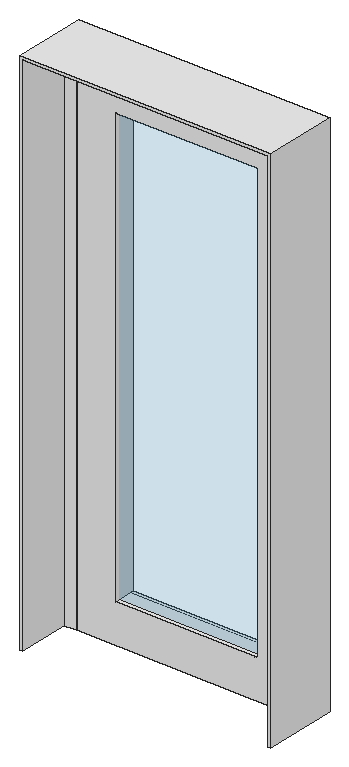
Revit family "Doorset_Entrance Door with Panic Lock and Wall Reader_ASSA ABLOY DE_Hardware Light", category Doors, host Wall, Revit 2015
Parameters (values of type "900 x 2110 mm (1000 x 2160 mm)")
  Uniclass 2.0 Description = "Doorsets"
  Uniclass 2.0 Code = "PR-59-23"
  Uniclass 1.4 Description = "Doors"
  Uniclass 1.4 Code = "L411"
  URL = "http://www.assaabloy.de/de/local/de/bim-spezifikationen/bim-tuerloesungen/bim/eingangstuer-mit-panikschloss-und-wandleser-de02/"
  Type Comments = "900 x 2110 mm (1000 x 2160 mm)"
  Thickness Constraint = if(Thickness < Minimum Thickness, Minimum Thickness, if(Thickness > Maximum Thickness, Maximum Thickness, Thickness))  # 90 mm
  Thickness = 90 mm
  Strikes, Magnetic Locks and Bolts = "1x MEDIATOR Electric Strike_MEDIATOR_Effeff"  # constant formula
  Rough Width = Width + 24 mm  # 1024 mm
  Rough Height = Height + 12 mm  # 2172 mm
  Region Europe = "DE"
  Provider = "ASSA ABLOY DE"  # constant formula
  Product Guid = "34722529-fe58-4aad-9d45-125a2774a9c0"
  Panel Width = Width - (2 mm * 50)  # 900 mm
  Panel Material = Steel/Aluminium
  Panel Height = Height - 50 mm  # 2110 mm
  OmniClass Title = "Doors"
  OmniClass Number = "23-17 11 00"
  Name = "Entrance Door with Panic Lock and Wall Reader"  # constant formula
  NBS Reference Description = "Doorsets"
  NBS Reference Code = "59-23"
  Model = "Doorset_Entrance Door with Panic Lock and Wall Reader_ASSA ABLOY DE_Hardware Light"  # constant formula
  Minimum Thickness = 38 mm  # constant formula
  Minimum Door Width = 900 mm  # constant formula
  Minimum Door Height = 2110 mm  # constant formula
  Maximum Thickness = 105 mm  # constant formula
  Maximum Door Width = 1500 mm  # constant formula
  Maximum Door Height = 3750 mm  # constant formula
  Manufacturer = "ASSA ABLOY"  # constant formula
  Locksets = "1x MEDIATOR Lock_MEDIATOR_Effeff"  # constant formula
  Identity and Access Solutions = "1x SCALA Access Control Solution_SCALA_Effeff"  # constant formula
  IFC Classification = "Door"
  Hardware Set = "ES1-PE-AC-ML-DC-DE02"  # constant formula
  Function = Exterior
  Height = if(Frame Height < Minimum Door Height, Minimum Door Height + 50 mm, if(Frame Height > Maximum Door Height, Maximum Door Height + 50 mm, Frame Height))  # 2160 mm
  Wall Closure = By host
  Width = if(Frame Width < Minimum Door Width, Minimum Door Width + 100 mm, if(Frame Width > Maximum Door Width, Maximum Door Width + 100 mm, Frame Width))  # 1000 mm
  Frame Width = 1000 mm
  Frame Material = Steel/Aluminium
  Frame Height = 2160 mm
  Frame Depth [instance] = Thickness Constraint  # 90 mm
  Electronic Accessories = "1x Power Supply_SCALA_Effeff"  # constant formula
  Edition number = 1
  Door Width [instance] = 1000 mm
  Door Height [instance] = 2160 mm
  Door Closers = "1x Door Closer DC700 with guide rail_Cam-Motion®_ASSA ABLOY"  # constant formula
  Description = "Single Self Closing Entrance Exterior Door with Wall Reader and Panic Device"  # constant formula
  Date of publishing = "22.09.2016"
  Contact Provider = "www.assaabloy.de/kontakt-tuerloesungen/"
  BIMobject Unique ref = "ES1-PE-AC-ML-DC-DE02"
  BIMobject Product Page = "http://bimobject.com/assaabloy-de/product/es1-pe-ac-ml-dc-de02"
  BIMobject Product Group = "Single-Steel/Aluminium-Self Closing-Access Control-Panic Device"
  BIMobject Product Family = "Exterior Door Solutions"
  BIMobject Instructions Video = "https://www.youtube.com/watch?v=BP0i_x6Tqq8&feature=youtu.be"
  BIMobject Brand = "ASSA ABLOY DE"
  Architectural Hardware = "1x Handle (inside) + Knob (outside)_OneSystem_ASSA ABLOY"  # constant formula
Types (8, lengths in mm): name | Type Comments | Rough Width | Rough Height | Panel Width | Panel Height | Height | Width | Frame Width | Frame Height | Door Width | Door Height
  (no name) | "900 x 2110 mm (1000 x 2160 mm)" | 1024 | 2172 | 900 | 2110 | 2160 | 1000 | 1000 | 2160 | 1000 | 2160
  900 x 2110 mm (1000 x 2160 mm) | "900 x 2110 mm (1000 x 2160 mm)" | 1024 | 2172 | 900 | 2110 | 2160 | 1000 | 1000 | 2160 | 1000 | 2160
  1000 x 2110 mm (1100 x 2160 mm) | "1000 x 2110 mm (1100 x 2160 mm)" | 1124 | 2172 | 1000 | 2110 | 2160 | 1100 | 1100 | 2160 | 1100 | 2160
  1000 x 2500 mm (1100 x 2550 mm) | "1000 x 2500 mm (1100 x 2550 mm)" | 1124 | 2562 | 1000 | 2500 | 2550 | 1100 | 1100 | 2550 | 1100 | 2550
  1000 x 3750 mm (1100 x 3800 mm) | "1000 x 3750 mm (1100 x 3800 mm)" | 1124 | 3812 | 1000 | 3750 | 3800 | 1100 | 1100 | 3800 | 1100 | 3800
  1300 x 2500 mm (1400 x 2550 mm) | "1300 x 2500 mm (1400 x 2550 mm)" | 1424 | 2562 | 1300 | 2500 | 2550 | 1400 | 1400 | 2550 | 1400 | 2550
  1300 x 3750 mm (1400 x 3800 mm) | "1300 x 3750 mm (1400 x 3800 mm)" | 1424 | 3812 | 1300 | 3750 | 3800 | 1400 | 1400 | 3800 | 1400 | 3800
  1500 x 3750 mm (1600 x 3800 mm) | "1500 x 3750 mm (1600 x 3800 mm)" | 1624 | 3812 | 1500 | 3750 | 3800 | 1600 | 1600 | 3800 | 1600 | 3800
Reference planes
  plane 1: y = 0
  plane 2 "Center (Left/Right)": x = 0
  plane 3 "Exterior": y = 150
  plane 4 "Interior": y = -150
  plane 5: x = 512
  plane 6: x = -512
  plane 7: z = 2172
  plane 8: x = 500
  plane 9: x = -500
  plane 10: z = 2160
  plane 11: x = 450
  plane 12: x = -450
  plane 13: z = 2110
  plane 14: x = 290
  plane 15: x = -290
  plane 16: z = 1950
  plane 17: z = 160
  plane 18: y = 60
  plane 19: y = 135
  plane 20: y = 75
  plane 21: x = 360
  plane 22: y = 1174
  plane 23: y = 1050
  plane 24: z = 1055
  plane 25: x = -415
  plane 26: x = -662
  plane 27: x = 385.5
Forms (mm)
  Extrusion 1, solid, material "Steel/Aluminium" <- "Frame Material"
    sketch origin (0, 150, 0) x (1, 0, 0) y (0, 0, 1)
      loop
        line (-500, 2160) -> (-500, 0) -> (-450, 0) -> (-450, 2110) -> (450, 2110) -> (450, 0) -> (500, 0) -> (500, 2160) -> (-500, 2160)
    from 0 to 90
  Extrusion 2, solid, material "Steel/Aluminium" <- "Panel Material"
    sketch origin (0, 150, 0) x (1, 0, 0) y (0, 0, 1)
      loop
        line (-450, 2110) -> (-450, 0) -> (450, 0) -> (450, 2110) -> (-450, 2110)
      loop
        line (-290, 1950) -> (-290, 160) -> (290, 160) -> (290, 1950) -> (-290, 1950)
    from 0 to 90
  Extrusion 3, solid, material "Door Glass"
    sketch origin (0, 150, 0) x (1, 0, 0) y (0, 0, 1)
      loop
        line (290, 1950) -> (-290, 1950) -> (-290, 160) -> (290, 160) -> (290, 1950)
    from 15 to 75
  Extrusion 4, solid, material "Steel/Aluminium" <- "Frame Material"
    sketch origin (0, 150, 0) x (1, 0, 0) y (0, 0, 1)
      loop
        line (512, 2172) -> (-512, 2172) -> (-512, 0) -> (-500, 0) -> (-500, 2160) -> (500, 2160) -> (500, 0) -> (512, 0) -> (512, 2172)
    from 0 to 300
Lines and regions (mm)
  Opening 1
    outline origin (-5000, -150, 0) x (1, 0, 0) y (0, 0, 1)
      loop
        line (5512, 2172) -> (4488, 2172) -> (4488, 0) -> (5512, 0) -> (5512, 2172)
  Masking region 1
    outline origin (0, 0, 0) x (1, 0, 0) y (0, 1, 0)
      loop
        line (-512, -150) -> (512, -150) -> (512, 150) -> (-512, 150) -> (-512, -150)
  Masking region 2, detail levels medium
    outline origin (0, 0, 0) x (1, 0, 0) y (0, 1, 0)
      loop
        line (450, 150) -> (450, 1050) -> (360, 1050) -> (360, 150) -> (450, 150)
  Masking region 3, detail levels medium
    outline origin (0, 0, 0) x (1, 0, 0) y (0, 1, 0)
      loop
        line (-500, 60) -> (-450, 60) -> (-450, 150) -> (-500, 150) -> (-500, 60)
      loop
        line (500, 150) -> (450, 150) -> (450, 60) -> (500, 60) -> (500, 150)
  Masking region 4, detail levels fine
    outline origin (0, 0, 0) x (1, 0, 0) y (0, 1, 0)
      loop
        line (435, 1050) -> (435, 1040) -> (375, 1040) -> (375, 1030) -> (360, 1030) -> (360, 170) -> (375, 170) -> (375, 160) -> (435, 160) -> (435, 150) -> (450, 150) -> (450, 1050) -> (435, 1050)
  Masking region 5, detail levels fine
    outline origin (0, 0, 0) x (1, 0, 0) y (0, 1, 0)
      loop
        line (-450, 135) -> (-450, 150) -> (-500, 150) -> (-500, 60) -> (-430, 60) -> (-430, 75) -> (-440, 75) -> (-440, 135) -> (-450, 135)
      loop
        line (500, 150) -> (450, 150) -> (450, 135) -> (440, 135) -> (440, 75) -> (430, 75) -> (430, 60) -> (500, 60) -> (500, 150)
  Masking region 6
    outline origin (450, 150, 0) x (0, 0, 1) y (0, 1, 0)
      loop
        line (2160, -90) -> (2160, 0) -> (0, 0) -> (0, -90) -> (2160, -90)
  Masking region 7, detail levels fine
    outline origin (0, 0, 0) x (1, 0, 0) y (0, 1, 0)
      loop
        line (488.444, 989) -> (504.314, 973.13) -> (519.87, 988.686) -> (497.556, 1011) -> (466, 1011) -> (466, 1016.5) -> (450, 1016.5) -> (450, 983.5) -> (466, 983.5) -> (466, 989) -> (488.444, 989)
  Masking region 8, detail levels fine
    outline origin (0, 0, 0) x (1, 0, 0) y (0, 1, 0)
      loop
        arc (504.314, 973.13) -> (549.891, 943.109) -> (519.87, 988.686) r 27.86
        line (519.87, 988.686) -> (504.314, 973.13)
  Masking region 9, not visible, detail levels fine
    outline origin (0, 0, 0) x (1, 0, 0) y (0, 1, 0)
      loop
        line (488.444, 989) -> (504.314, 973.13) -> (519.87, 988.686) -> (497.556, 1011) -> (466, 1011) -> (466, 1016.5) -> (450, 1016.5) -> (450, 983.5) -> (466, 983.5) -> (466, 989) -> (488.444, 989)
  Masking region 10, not visible, detail levels fine
    outline origin (0, 0, 0) x (1, 0, 0) y (0, 1, 0)
      loop
        arc (504.314, 973.13) -> (549.891, 943.109) -> (519.87, 988.686) r 27.86
        line (519.87, 988.686) -> (504.314, 973.13)
  Masking region 11, detail levels fine
    outline origin (0, 0, 0) x (1, 0, 0) y (0, 1, 0)
      loop
        line (279.5, 949.019) -> (279.5, 900)
        arc (279.5, 900) -> (291.069, 872.069) -> (319, 860.5) r 39.5
        line (319, 860.5) -> (331, 860.5) -> (331, 879.5) -> (319, 879.5)
        arc (319, 879.5) -> (304.504, 885.504) -> (298.5, 900) r 20.5
        line (298.5, 900) -> (298.5, 949.019)
        arc (298.5, 949.019) -> (299.028, 953.031) -> (300.577, 956.769) r 15.5
        line (300.577, 956.769) -> (315.577, 982.75)
        arc (315.577, 982.75) -> (321.25, 988.423) -> (329, 990.5) r 15.5
        line (329, 990.5) -> (344, 990.5) -> (344, 983.5) -> (360, 983.5) -> (360, 1016.5) -> (344, 1016.5) -> (344, 1009.5) -> (329, 1009.5)
        arc (329, 1009.5) -> (311.75, 1004.878) -> (299.122, 992.25) r 34.5
        line (299.122, 992.25) -> (284.122, 966.269)
        arc (284.122, 966.269) -> (280.676, 957.948) -> (279.5, 949.019) r 34.5
  Masking region 12, not visible, detail levels fine
    outline origin (0, 0, 0) x (1, 0, 0) y (0, 1, 0)
      loop
        line (279.5, 949.019) -> (279.5, 900)
        arc (279.5, 900) -> (291.069, 872.069) -> (319, 860.5) r 39.5
        line (319, 860.5) -> (331, 860.5) -> (331, 879.5) -> (319, 879.5)
        arc (319, 879.5) -> (304.504, 885.504) -> (298.5, 900) r 20.5
        line (298.5, 900) -> (298.5, 949.019)
        arc (298.5, 949.019) -> (299.028, 953.031) -> (300.577, 956.769) r 15.5
        line (300.577, 956.769) -> (315.577, 982.75)
        arc (315.577, 982.75) -> (321.25, 988.423) -> (329, 990.5) r 15.5
        line (329, 990.5) -> (344, 990.5) -> (344, 983.5) -> (360, 983.5) -> (360, 1016.5) -> (344, 1016.5) -> (344, 1009.5) -> (329, 1009.5)
        arc (329, 1009.5) -> (311.75, 1004.878) -> (299.122, 992.25) r 34.5
        line (299.122, 992.25) -> (284.122, 966.269)
        arc (284.122, 966.269) -> (280.676, 957.948) -> (279.5, 949.019) r 34.5
  Masking region 13, detail levels fine
    outline origin (0, 0, 0) x (1, 0, 0) y (0, 1, 0)
      loop
        line (-616, 150) -> (-616, 172.2) -> (-708, 172.2) -> (-708, 150) -> (-616, 150)
  Masking region 14, not visible, detail levels fine
    outline origin (0, 0, 0) x (1, 0, 0) y (0, 1, 0)
      loop
        line (-616, 150) -> (-616, 172.2) -> (-708, 172.2) -> (-708, 150) -> (-616, 150)
  Masking region 15, detail levels fine
    outline origin (0, 0, 0) x (0, 1, 0) y (0, 0, 1)
      loop
        line (60, 2110) -> (60, 2132.942) -> (16.334, 2132.942) -> (16.334, 2110) -> (28.339, 2110) -> (28.339, 2107.15) -> (19.3, 2107.15) -> (19.3, 2093.5) -> (3, 2093.5) -> (3, 2064) -> (4, 2064) -> (4, 2059) -> (3, 2059) -> (3, 2029.5) -> (60, 2029.5) -> (60, 2093.5) -> (41.3, 2093.5) -> (41.3, 2102.15) -> (50.332, 2102.15) -> (50.332, 2110) -> (60, 2110)
  Masking region 16, not visible, detail levels fine
    outline origin (0, 0, 0.059) x (0, 1, 0) y (0, 0, 1)
      loop
        line (60, 2110) -> (60, 2132.942) -> (16.334, 2132.942) -> (16.334, 2110) -> (28.339, 2110) -> (28.339, 2107.15) -> (19.3, 2107.15) -> (19.3, 2093.5) -> (3, 2093.5) -> (3, 2064) -> (4, 2064) -> (4, 2059) -> (3, 2059) -> (3, 2029.5) -> (60, 2029.5) -> (60, 2093.5) -> (41.3, 2093.5) -> (41.3, 2102.15) -> (50.332, 2102.15) -> (50.332, 2110) -> (60, 2110)
  Masking region 17, detail levels fine
    outline origin (0, 0, 0) x (0, 1, 0) y (0, 0, 1)
      loop
        line (60, 1155) -> (44, 1155) -> (44, 1059.5) -> (-11, 1059.5)
        arc (-11, 1059.5) -> (-20.5, 1050) -> (-11, 1040.5) r 9.5
        line (-11, 1040.5) -> (44, 1040.5) -> (44, 900) -> (60, 900) -> (60, 1155)
  Masking region 18, detail levels fine
    outline origin (0, 0, 0) x (0, 1, 0) y (0, 0, 1)
      loop
        line (150, 1155) -> (150, 900) -> (166, 900) -> (166, 1040.5) -> (203.943, 1040.5)
        arc (203.943, 1040.5) -> (257.25, 1050) -> (203.943, 1059.5) r 27.5
        line (203.943, 1059.5) -> (166, 1059.5) -> (166, 1155) -> (150, 1155)
  Masking region 19, not visible, detail levels fine
    outline origin (0, 0, 0) x (0, 1, 0) y (0, 0, 1)
      loop
        line (150, 1155) -> (150, 900) -> (166, 900) -> (166, 1040.5) -> (203.943, 1040.5)
        arc (203.943, 1040.5) -> (257.25, 1050) -> (203.943, 1059.5) r 27.5
        line (203.943, 1059.5) -> (166, 1059.5) -> (166, 1155) -> (150, 1155)
  Masking region 20, not visible, detail levels fine
    outline origin (0, 0, 0) x (0, 1, 0) y (0, 0, 1)
      loop
        line (60, 1155) -> (44, 1155) -> (44, 1059.5) -> (-11, 1059.5)
        arc (-11, 1059.5) -> (-20.5, 1050) -> (-11, 1040.5) r 9.5
        line (-11, 1040.5) -> (44, 1040.5) -> (44, 900) -> (60, 900) -> (60, 1155)
  symbolic lines, style "DoorsPanelProjection", detail levels coarse
    curve 1: line (512, 150, 0) -> (512, 1174, 0)
  symbolic lines, style "Plan Swing", detail levels coarse
    curve 2: arc (-512, 150, 0) -> (-212.077, 874.077, 0) -> (512, 1174, 0) r 1024
  symbolic lines, style "Doors", detail levels medium+fine
    curve 3: line (450, 60, 2160) -> (450, 150, 2160)
    curve 4: line (450, 60, 2110) -> (450, 150, 2110)
    curve 5: line (450, 60, 1950) -> (450, 150, 1950)
    curve 6: line (450, 60, 160) -> (450, 150, 160)
  symbolic lines, style "Doors", detail levels fine
    curve 7: line (450, 105, 1950) -> (450, 105, 160)
  symbolic lines, style "Elevation Swing"
    curve 8: line (450, 150, 2110) -> (-450, 150, 1055)
    curve 9: line (-450, 150, 1055) -> (450, 150, 0)
  symbolic lines, style "Plan Swing", detail levels medium+fine
    curve 10: arc (-450, 150, 0) -> (-186.396, 786.396, 0) -> (450, 1050, 0) r 900
  symbolic lines, detail levels fine
    curve 11: line (450, 150, 0) -> (-450, 150, 0)
    curve 12: line (-450, 60, 0) -> (450, 60, 0)
    curve 13: line (466, 1011, 0) -> (466, 989, 0)
    curve 15: line (344, 1009.5, 0) -> (344, 990.5, 0)
    curve 17: line (0, 4, 2063.941) -> (0, 28.185, 2063.941)
    curve 18: line (0, 28.185, 2058.941) -> (0, 4, 2058.941)
    curve 19: arc (0, 45, 2049.441) -> (0, 33, 2061.441) -> (0, 45, 2073.441) r 12
    curve 20: line (0, 60, 2073.441) -> (0, 45, 2073.441)
    curve 21: line (0, 45, 2049.441) -> (0, 60, 2049.441)
    curve 22: line (0, 60, 2044.441) -> (0, 45, 2044.441)
    curve 23: arc (0, 28.185, 2058.941) -> (0, 33.898, 2048.567) -> (0, 45, 2044.441) r 17
    curve 24: arc (0, 45, 2078.441) -> (0, 33.898, 2074.316) -> (0, 28.185, 2063.941) r 17
    curve 25: line (0, 45, 2078.441) -> (0, 60, 2078.441)
    curve 26: line (0, 19.3, 2093.441) -> (0, 41.3, 2093.441)
    curve 27: line (0, 41.297, 2102.091) -> (0, 19.303, 2102.091)
    curve 28: line (0, 28.339, 2107.091) -> (0, 50.335, 2107.091)
    curve 29: line (0, 28.339, 2109.941) -> (0, 50.332, 2109.941)
    curve 43: line (0, 166, 1059.5) -> (0, 166, 1040.5)
    curve 44: line (0, 44, 1059.5) -> (0, 44, 1040.5)
    curve 45: arc (0, 203.943, 1040.5) -> (0, 202.25, 1050) -> (0, 203.943, 1059.5) r 27.5
  symbolic lines, not visible, detail levels fine
    curve 14: line (466, 1011, 0) -> (466, 989, 0)
    curve 16: line (344, 1009.5, 0) -> (344, 990.5, 0)
    curve 30: line (0, 4, 2064) -> (0, 28.185, 2064)
    curve 31: line (0, 28.185, 2059) -> (0, 4, 2059)
    curve 32: arc (0, 45, 2049.5) -> (0, 33, 2061.5) -> (0, 45, 2073.5) r 12
    curve 33: line (0, 60, 2073.5) -> (0, 45, 2073.5)
    curve 34: line (0, 45, 2049.5) -> (0, 60, 2049.5)
    curve 35: line (0, 60, 2044.5) -> (0, 45, 2044.5)
    curve 36: arc (0, 28.185, 2059) -> (0, 33.898, 2048.626) -> (0, 45, 2044.5) r 17
    curve 37: arc (0, 45, 2078.5) -> (0, 33.898, 2074.374) -> (0, 28.185, 2064) r 17
    curve 38: line (0, 45, 2078.5) -> (0, 60, 2078.5)
    curve 39: line (0, 19.3, 2093.5) -> (0, 41.3, 2093.5)
    curve 40: line (0, 41.297, 2102.15) -> (0, 19.303, 2102.15)
    curve 41: line (0, 28.339, 2107.15) -> (0, 50.335, 2107.15)
    curve 42: line (0, 28.339, 2110) -> (0, 50.332, 2110)
    curve 46: line (0, 166, 1059.5) -> (0, 166, 1040.5)
    curve 47: arc (0, 203.943, 1040.5) -> (0, 202.25, 1050) -> (0, 203.943, 1059.5) r 27.5
    curve 48: line (0, 44, 1059.5) -> (0, 44, 1040.5)
  model lines, style "Assa Abloy Hardware", detail levels fine
    curve 49: line (-118, 60, 2133) -> (385.5, 60, 2133)
    curve 50: line (385.5, 60, 2133) -> (385.5, 60, 2110)
    curve 51: line (385.5, 60, 2110) -> (-118, 60, 2110)
    curve 52: line (385.5, 60, 2029.5) -> (385.5, 60, 2093.5)
    curve 53: line (385.5, 60, 2093.5) -> (115.5, 60, 2093.5)
    curve 54: line (115.5, 60, 2093.5) -> (115.5, 60, 2029.5)
    curve 55: line (115.5, 60, 2029.5) -> (385.5, 60, 2029.5)
    curve 56: line (115.5, 60, 2064) -> (385.5, 60, 2064)
    curve 57: line (385.5, 60, 2059) -> (115.5, 60, 2059)
    curve 58: line (116.5, 60, 2064) -> (116.5, 60, 2059)
    curve 59: line (384.5, 60, 2064) -> (384.5, 60, 2059)
    curve 60: line (308, 60, 2107.15) -> (-83.89, 60, 2107.15)
    curve 61: line (-83.89, 60, 2110) -> (-83.89, 60, 2102.15)
    curve 62: line (-83.89, 60, 2102.15) -> (308, 60, 2102.15)
    curve 63: line (308, 60, 2107.15) -> (308, 60, 2093.5)
    curve 64: line (285.879, 60, 2102.15) -> (285.879, 60, 2093.5)
    curve 65: line (-61.96, 60, 2110) -> (-61.96, 60, 2107.15)
    curve 66: line (-118, 60, 2133) -> (-118, 60, 2110)
    curve 85: line (-431.5, 60, 916.5) -> (-431.5, 60, 1138.5)
    curve 86: arc (-431.5, 60, 1138.5) -> (-415, 60, 1155) -> (-398.5, 60, 1138.5) r 16.5
    curve 87: line (-398.5, 60, 1138.5) -> (-398.5, 60, 1059.5)
    curve 88: line (-398.5, 60, 1040.5) -> (-398.5, 60, 916.5)
    curve 89: arc (-431.5, 60, 916.5) -> (-415, 60, 900) -> (-398.5, 60, 916.5) r 16.5
    curve 90: arc (-415, 60, 1059.5) -> (-424.5, 60, 1050) -> (-415, 60, 1040.5) r 9.5
    curve 91: arc (-285, 60, 1059.5) -> (-275.5, 60, 1050) -> (-285, 60, 1040.5) r 9.5
    curve 92: line (-415, 60, 1059.5) -> (-285, 60, 1059.5)
    curve 93: line (-415, 60, 1040.5) -> (-285, 60, 1040.5)
    curve 94: arc (-398.5, 150, 1138.5) -> (-415, 150, 1155) -> (-431.5, 150, 1138.5) r 16.5
    curve 95: line (-431.5, 150, 1138.5) -> (-431.5, 150, 916.5)
    curve 96: arc (-431.5, 150, 916.5) -> (-414.978, 150, 899.978) -> (-398.456, 150, 916.5) r 16.522
    curve 97: line (-398.456, 150, 916.5) -> (-398.456, 150, 1031.559)
    curve 98: line (-415, 150, 1060.997) -> (-403.219, 150, 1060.997)
    curve 99: circle (-377.984, 150, 1049.976) r 27.537 normal (0, 1, 0)
    curve 100: line (-398.5, 150, 1138.5) -> (-398.5, 150, 1068.344)
    curve 101: arc (-415, 150, 1060.997) -> (-425.999, 150, 1049.999) -> (-415, 150, 1039) r 10.999
    curve 102: line (-415, 150, 1039) -> (-403.239, 150, 1039)
    curve 121: line (-616.087, 150, 1095.913) -> (-707.913, 150, 1095.913)
    curve 122: line (-707.913, 150, 1095.913) -> (-707.913, 150, 1004.087)
    curve 123: line (-707.913, 150, 1004.087) -> (-616.087, 150, 1004.087)
    curve 124: line (-616.087, 150, 1004.087) -> (-616.087, 150, 1095.913)
    curve 125: line (-637.942, 150, 1074.058) -> (-686.058, 150, 1074.058)
    curve 126: line (-686.058, 150, 1074.058) -> (-686.058, 150, 1025.942)
    curve 127: line (-686.058, 150, 1025.942) -> (-637.942, 150, 1025.942)
    curve 128: line (-637.942, 150, 1025.942) -> (-637.942, 150, 1074.058)
  model lines, style "Assa Abloy Hardware", not visible, detail levels fine
    curve 67: line (-118, 60, 2133) -> (385.5, 60, 2133)
    curve 68: line (385.5, 60, 2133) -> (385.5, 60, 2110)
    curve 69: line (385.5, 60, 2110) -> (-118, 60, 2110)
    curve 70: line (385.5, 60, 2029.5) -> (385.5, 60, 2093.5)
    curve 71: line (385.5, 60, 2093.5) -> (115.5, 60, 2093.5)
    curve 72: line (115.5, 60, 2093.5) -> (115.5, 60, 2029.5)
    curve 73: line (115.5, 60, 2029.5) -> (385.5, 60, 2029.5)
    curve 74: line (115.5, 60, 2064) -> (385.5, 60, 2064)
    curve 75: line (385.5, 60, 2059) -> (115.5, 60, 2059)
    curve 76: line (116.5, 60, 2064) -> (116.5, 60, 2059)
    curve 77: line (384.5, 60, 2064) -> (384.5, 60, 2059)
    curve 78: line (308, 60, 2107.15) -> (-83.89, 60, 2107.15)
    curve 79: line (-83.89, 60, 2110) -> (-83.89, 60, 2102.15)
    curve 80: line (-83.89, 60, 2102.15) -> (308, 60, 2102.15)
    curve 81: line (308, 60, 2107.15) -> (308, 60, 2093.5)
    curve 82: line (285.879, 60, 2102.15) -> (285.879, 60, 2093.5)
    curve 83: line (-61.96, 60, 2110) -> (-61.96, 60, 2107.15)
    curve 84: line (-118, 60, 2133) -> (-118, 60, 2110)
    curve 103: line (-431.5, 60, 916.5) -> (-431.5, 60, 1138.5)
    curve 104: arc (-431.5, 60, 1138.5) -> (-415, 60, 1155) -> (-398.5, 60, 1138.5) r 16.5
    curve 105: line (-398.5, 60, 1138.5) -> (-398.5, 60, 1059.5)
    curve 106: line (-398.5, 60, 1040.5) -> (-398.5, 60, 916.5)
    curve 107: arc (-431.5, 60, 916.5) -> (-415, 60, 900) -> (-398.5, 60, 916.5) r 16.5
    curve 108: arc (-415, 60, 1059.5) -> (-424.5, 60, 1050) -> (-415, 60, 1040.5) r 9.5
    curve 109: arc (-285, 60, 1059.5) -> (-275.5, 60, 1050) -> (-285, 60, 1040.5) r 9.5
    curve 110: line (-415, 60, 1059.5) -> (-285, 60, 1059.5)
    curve 111: line (-415, 60, 1040.5) -> (-285, 60, 1040.5)
    curve 112: arc (-398.5, 150, 1138.5) -> (-415, 150, 1155) -> (-431.5, 150, 1138.5) r 16.5
    curve 113: line (-431.5, 150, 1138.5) -> (-431.5, 150, 916.5)
    curve 114: arc (-431.5, 150, 916.5) -> (-414.978, 150, 899.978) -> (-398.456, 150, 916.5) r 16.522
    curve 115: line (-398.456, 150, 916.5) -> (-398.456, 150, 1031.559)
    curve 116: line (-415, 150, 1060.997) -> (-403.219, 150, 1060.997)
    curve 117: circle (-377.984, 150, 1049.976) r 27.537 normal (0, 1, 0)
    curve 118: line (-398.5, 150, 1138.5) -> (-398.5, 150, 1068.344)
    curve 119: arc (-415, 150, 1060.997) -> (-425.999, 150, 1049.999) -> (-415, 150, 1039) r 10.999
    curve 120: line (-415, 150, 1039) -> (-403.239, 150, 1039)
    curve 129: line (-616.087, 150, 1095.913) -> (-707.913, 150, 1095.913)
    curve 130: line (-707.913, 150, 1095.913) -> (-707.913, 150, 1004.087)
    curve 131: line (-707.913, 150, 1004.087) -> (-616.087, 150, 1004.087)
    curve 132: line (-616.087, 150, 1004.087) -> (-616.087, 150, 1095.913)
    curve 133: line (-637.942, 150, 1074.058) -> (-686.058, 150, 1074.058)
    curve 134: line (-686.058, 150, 1074.058) -> (-686.058, 150, 1025.942)
    curve 135: line (-686.058, 150, 1025.942) -> (-637.942, 150, 1025.942)
    curve 136: line (-637.942, 150, 1025.942) -> (-637.942, 150, 1074.058)
Text (mm)
  text "Exterior" at (-2582.17, 525.235, 0), in view "Ref. Level"
  text "Exterior" at (0, 1615.38, 3698.081), in view "Left"
  text "Exterior" at (0, 1036.032, 3874.932), in view "Right"
Dimensions and locks
  locked: plane 3 "Exterior" to host wall at 0
  locked: plane 4 "Interior" to host wall
  equal spacing: plane 6, plane 2 "Center (Left/Right)", plane 5
  "Rough Width": plane 6 to plane 5
  "Rough Height": level to plane 7
  locked: plane 8 to plane 5 at 12
  locked: plane 9 to plane 6 at 12
  locked: plane 10 to plane 7 at 12
  locked: plane 11 to plane 8 at 50
  locked: plane 12 to plane 9 at 50
  locked: plane 13 to plane 10 at 50
  locked: level to plane 17 at 160
  locked: plane 16 to plane 13 at 160
  locked: plane 14 to plane 11 at 160
  locked: plane 15 to plane 12 at 160
  "Thickness Constraint": plane 18 to plane 3 "Exterior"
  locked: plane 19 to plane 3 "Exterior" at 15
  locked: plane 20 to plane 18 at 15
  "Thickness Constraint": plane 21 to plane 11
  "Rough Width": plane 3 "Exterior" to plane 22
  "Panel Width": plane 3 "Exterior" to plane 23
  locked: plane 21 to Masking region 4 sketch curve at 15  (x2)
  equal spacing: plane 3 "Exterior", curve 7, plane 18
  equal spacing: plane 16, plane 24, plane 17
  "Door Width": plane 9 to plane 8
  "Door Height": level to plane 10
  locked: plane 25 to plane 12 at 35
  locked: plane 6 to plane 26 at 150
  locked: plane 27 to plane 11 at 64.5
  locked: plane 23 to Masking region 7 at 33.5
  locked: plane 23 to Masking region 11 at 33.5
  locked: plane 26 to Masking region 13 at 46
  locked: Masking region 17 to plane 17 at 880.5
  locked: Masking region 18 to plane 17 at 880.5
  locked: plane 25 to curve 95 at 16.5
  locked: level to curve 102 at 1039
  locked: level to curve 123 at 1004.087
  locked: plane 26 to curve 122 at 45.913
  aligned and locked: plane 1 to host wall
  aligned and locked: plane 7 to Opening 1 sketch curve
  aligned and locked: plane 5 to Opening 1 sketch curve
  aligned and locked: Opening 1 sketch curve to plane 6
  aligned and locked: level to Opening 1 sketch curve
  aligned and locked: plane 10 to Extrusion 1 sketch curve
  aligned and locked: plane 13 to Extrusion 1 sketch curve
  aligned and locked: Extrusion 1 sketch curve to plane 12
  aligned and locked: Extrusion 1 sketch curve to plane 9
  aligned and locked: plane 11 to Extrusion 1 sketch curve
  aligned and locked: plane 8 to Extrusion 1 sketch curve
  aligned and locked: level to Extrusion 1 sketch curve  (x2)
  aligned and locked: Extrusion 1 to plane 3 "Exterior"
  aligned and locked: Extrusion 1 to plane 18
  aligned and locked: plane 13 to Extrusion 2 sketch curve
  aligned and locked: plane 16 to Extrusion 2 sketch curve
  aligned and locked: Extrusion 2 sketch curve to plane 17
  aligned and locked: level to Extrusion 2 sketch curve
  aligned and locked: Extrusion 2 sketch curve to plane 15
  aligned and locked: Extrusion 2 sketch curve to plane 12
  aligned and locked: plane 11 to Extrusion 2 sketch curve
  aligned and locked: plane 14 to Extrusion 2 sketch curve
  aligned and locked: Extrusion 2 to plane 18
  aligned and locked: Extrusion 2 to plane 3 "Exterior"
  aligned and locked: Extrusion 3 sketch curve to plane 16
  aligned and locked: Extrusion 3 sketch curve to plane 14
  aligned and locked: plane 15 to Extrusion 3 sketch curve
  aligned and locked: plane 17 to Extrusion 3 sketch curve
  aligned and locked: plane 19 to Extrusion 3
  aligned and locked: plane 20 to Extrusion 3
  aligned and locked: plane 6 to Masking region 1 sketch curve
  aligned and locked: Masking region 1 sketch curve to plane 5
  aligned and locked: Masking region 1 sketch curve to plane 3 "Exterior"
  aligned and locked: Masking region 1 sketch curve to plane 4 "Interior"
  aligned and locked: curve 1 to plane 5
  aligned and locked: plane 22 to curve 1
  aligned and locked: plane 3 "Exterior" to curve 1
  aligned and locked: Masking region 2 sketch curve to plane 11
  aligned and locked: Masking region 2 sketch curve to plane 21
  aligned and locked: Masking region 2 sketch curve to plane 23
  aligned and locked: Masking region 2 sketch curve to plane 3 "Exterior"
  aligned and locked: Masking region 3 sketch curve to plane 18  (x2)
  aligned and locked: Masking region 3 sketch curve to plane 3 "Exterior"  (x2)
  aligned and locked: plane 12 to Masking region 3 sketch curve
  aligned and locked: plane 9 to Masking region 3 sketch curve
  aligned and locked: Masking region 3 sketch curve to plane 11
  aligned and locked: Masking region 3 sketch curve to plane 8
  aligned and locked: Masking region 4 sketch curve to plane 23
  aligned and locked: Masking region 4 sketch curve to plane 11
  aligned and locked: Masking region 4 sketch curve to plane 21
  aligned and locked: Masking region 4 sketch curve to plane 3 "Exterior"
  aligned and locked: plane 12 to Masking region 5 sketch curve
  aligned and locked: plane 9 to Masking region 5 sketch curve
  aligned and locked: Masking region 5 sketch curve to plane 3 "Exterior"  (x2)
  aligned and locked: Masking region 5 sketch curve to plane 18  (x2)
  aligned and locked: Masking region 5 sketch curve to plane 19
  aligned and locked: Masking region 5 sketch curve to plane 20
  aligned and locked: Masking region 5 sketch curve to plane 8
  aligned and locked: Masking region 5 sketch curve to plane 11
  aligned and locked: plane 19 to Masking region 5 sketch curve
  aligned and locked: plane 20 to Masking region 5 sketch curve
  aligned and locked: curve 3 to plane 10
  aligned and locked: curve 4 to plane 13
  aligned and locked: plane 3 "Exterior" to curve 3
  aligned and locked: plane 3 "Exterior" to curve 4
  aligned and locked: plane 18 to curve 4
  aligned and locked: plane 18 to curve 3
  aligned and locked: curve 5 to plane 16
  aligned and locked: plane 17 to curve 6
  aligned and locked: plane 3 "Exterior" to curve 6
  aligned and locked: plane 3 "Exterior" to curve 5
  aligned and locked: plane 16 to curve 7
  aligned and locked: plane 17 to curve 7
  aligned and locked: Masking region 6 sketch curve to plane 3 "Exterior"
  aligned and locked: Masking region 6 sketch curve to level
  aligned and locked: curve 11 to plane 3 "Exterior"
  aligned and locked: curve 12 to plane 18
  aligned and locked: plane 12 to curve 12
  aligned and locked: plane 11 to curve 12
  aligned and locked: plane 11 to curve 11
  aligned and locked: plane 12 to curve 11
  aligned and locked: plane 18 to Masking region 6 sketch curve
  aligned and locked: plane 7 to Extrusion 4 sketch curve
  aligned and locked: Extrusion 4 sketch curve to plane 6
  aligned and locked: Extrusion 4 sketch curve to plane 9
  aligned and locked: plane 10 to Extrusion 4 sketch curve
  aligned and locked: plane 5 to Extrusion 4 sketch curve
  aligned and locked: plane 8 to Extrusion 4 sketch curve
  aligned and locked: level to Extrusion 4 sketch curve  (x2)
  aligned and locked: Extrusion 4 to plane 3 "Exterior"
  aligned and locked: plane 4 "Interior" to Extrusion 4
  aligned and locked: plane 10 to Masking region 6 sketch curve
  aligned and locked: plane 11 to Masking region 7
  aligned and locked: plane 21 to Masking region 11
  aligned and locked: plane 3 "Exterior" to Masking region 13
  aligned and locked: Masking region 15 to plane 18
  aligned and locked: Masking region 15 to plane 13
  aligned and locked: Masking region 17 to plane 18
  aligned and locked: Masking region 18 to plane 3 "Exterior"
  aligned and locked: curve 51 to plane 13
  aligned and locked: plane 27 to curve 52
Automatic sketch dimensions
  plane 11 to Masking region 4 sketch curve = 15 mm  (x2)
  host wall to Masking region 4 sketch curve = 10 mm
  Masking region 4 sketch curve to plane 23 = 20 mm
  Masking region 4 sketch curve to Masking region 4 sketch curve = 10 mm  (x2)
  plane 12 to Masking region 5 sketch curve = 10 mm
  Masking region 5 sketch curve to Masking region 5 sketch curve = 10 mm  (x2)
  plane 11 to Masking region 5 sketch curve = 20 mm
  curve 9 to plane 12 = 0 mm
  curve 9 to level = 0 mm
  plane 11 to curve 9 = 0 mm
  plane 11 to curve 8 = 0 mm
  curve 8 to plane 24 = 0 mm
  curve 8 to plane 13 = 0 mm
  curve 5 to plane 18 = 0 mm
  curve 6 to plane 18 = 0 mm
  Masking region 7 sketch curve to Masking region 7 sketch curve = 10.37 mm
  Masking region 7 sketch curve to Masking region 7 sketch curve = 15.556 mm  (x2)
  Masking region 7 sketch curve to Masking region 7 sketch curve = 5.5 mm
  Masking region 8 sketch curve to Masking region 8 sketch curve = 10.321 mm
  Masking region 7 sketch curve to Masking region 7 sketch curve = 16 mm  (x2)
  Masking region 7 sketch curve to Masking region 7 sketch curve = 22.444 mm
  Masking region 7 sketch curve to Masking region 7 sketch curve = 9.113 mm
  Masking region 7 sketch curve to Masking region 7 sketch curve = 15.87 mm
  Masking region 8 sketch curve to Masking region 8 sketch curve = 15.556 mm
  Masking region 8 sketch curve to Masking region 8 sketch curve = 25.878 mm
  Masking region 9 sketch curve to Masking region 9 sketch curve = 10.37 mm
  Masking region 9 sketch curve to Masking region 9 sketch curve = 15.556 mm  (x2)
  Masking region 9 sketch curve to Masking region 9 sketch curve = 5.5 mm
  Masking region 10 sketch curve to Masking region 10 sketch curve = 10.321 mm
  Masking region 9 sketch curve to Masking region 9 sketch curve = 16 mm  (x2)
  Masking region 9 sketch curve to Masking region 9 sketch curve = 22.444 mm
  Masking region 9 sketch curve to Masking region 9 sketch curve = 9.113 mm
  Masking region 9 sketch curve to Masking region 9 sketch curve = 15.87 mm
  Masking region 10 sketch curve to Masking region 10 sketch curve = 15.556 mm
  Masking region 10 sketch curve to Masking region 10 sketch curve = 25.878 mm
  Masking region 11 sketch curve to Masking region 11 sketch curve = 0 mm  (x12)
  Masking region 11 sketch curve to Masking region 11 sketch curve = 16 mm  (x2)
  Masking region 11 sketch curve to Masking region 11 sketch curve = 15 mm  (x2)
  Masking region 11 sketch curve to Masking region 11 sketch curve = 12 mm
  Masking region 11 sketch curve to Masking region 11 sketch curve = 13.423 mm  (x2)
  Masking region 11 sketch curve to Masking region 11 sketch curve = 2.077 mm
  Masking region 11 sketch curve to Masking region 11 sketch curve = 49.019 mm
  Masking region 11 sketch curve to Masking region 11 sketch curve = 25.981 mm
  Masking region 11 sketch curve to Masking region 11 sketch curve = 7.75 mm
  Masking region 11 sketch curve to Masking region 11 sketch curve = 7 mm  (x2)
  Masking region 11 sketch curve to Masking region 11 sketch curve = 9.5 mm
  curve 2 to host wall = 0 mm
  curve 10 to plane 11 = 0 mm
  Masking region 11 sketch curve to Masking region 11 sketch curve = 4.622 mm
  Masking region 11 sketch curve to Masking region 11 sketch curve = 19 mm
  Masking region 11 sketch curve to Masking region 11 sketch curve = 16.454 mm
  Masking region 11 sketch curve to Masking region 11 sketch curve = 20.5 mm
  Masking region 12 sketch curve to Masking region 12 sketch curve = 0 mm  (x12)
  Masking region 12 sketch curve to Masking region 12 sketch curve = 16 mm  (x2)
  Masking region 12 sketch curve to Masking region 12 sketch curve = 15 mm  (x2)
  Masking region 12 sketch curve to Masking region 12 sketch curve = 12 mm
  Masking region 12 sketch curve to Masking region 12 sketch curve = 13.423 mm  (x2)
  Masking region 12 sketch curve to Masking region 12 sketch curve = 2.077 mm
  Masking region 12 sketch curve to Masking region 12 sketch curve = 49.019 mm
  Masking region 12 sketch curve to Masking region 12 sketch curve = 25.981 mm
  Masking region 12 sketch curve to Masking region 12 sketch curve = 7.75 mm
  Masking region 12 sketch curve to Masking region 12 sketch curve = 7 mm  (x2)
  Masking region 12 sketch curve to Masking region 12 sketch curve = 9.5 mm
  Masking region 12 sketch curve to Masking region 12 sketch curve = 4.622 mm
  Masking region 12 sketch curve to Masking region 12 sketch curve = 19 mm
  Masking region 12 sketch curve to Masking region 12 sketch curve = 16.454 mm
  Masking region 12 sketch curve to Masking region 12 sketch curve = 20.5 mm
  Masking region 13 sketch curve to Masking region 13 sketch curve = 92 mm
  Masking region 13 sketch curve to Masking region 13 sketch curve = 22.2 mm
  Masking region 14 sketch curve to Masking region 14 sketch curve = 92 mm
  Masking region 14 sketch curve to Masking region 14 sketch curve = 22.2 mm
  Masking region 15 sketch curve to Masking region 15 sketch curve = 9.668 mm
  Masking region 15 sketch curve to Masking region 15 sketch curve = 9.032 mm
  Masking region 15 sketch curve to Masking region 15 sketch curve = 12.961 mm
  Masking region 15 sketch curve to Masking region 15 sketch curve = 9.039 mm
  Masking region 15 sketch curve to Masking region 15 sketch curve = 1 mm  (x2)
  Masking region 15 sketch curve to Masking region 15 sketch curve = 2.85 mm
  Masking region 15 sketch curve to Masking region 15 sketch curve = 13.65 mm  (x2)
  Masking region 15 sketch curve to Masking region 15 sketch curve = 16.5 mm
  Masking region 15 sketch curve to Masking region 15 sketch curve = 29.5 mm  (x2)
  Masking region 15 sketch curve to Masking region 15 sketch curve = 5 mm
  Masking region 15 sketch curve to Masking region 15 sketch curve = 2.966 mm
  Masking region 15 sketch curve to Masking region 15 sketch curve = 13.334 mm
  Masking region 15 sketch curve to Masking region 15 sketch curve = 57 mm
  Masking region 15 sketch curve to Masking region 15 sketch curve = 7.85 mm
  Masking region 15 sketch curve to Masking region 15 sketch curve = 22.942 mm
  Masking region 16 sketch curve to Masking region 16 sketch curve = 9.668 mm
  Masking region 16 sketch curve to Masking region 16 sketch curve = 9.032 mm
  Masking region 16 sketch curve to Masking region 16 sketch curve = 12.961 mm
  Masking region 16 sketch curve to Masking region 16 sketch curve = 9.039 mm
  Masking region 16 sketch curve to Masking region 16 sketch curve = 1 mm  (x2)
  Masking region 16 sketch curve to Masking region 16 sketch curve = 2.85 mm
  Masking region 16 sketch curve to Masking region 16 sketch curve = 13.65 mm  (x2)
  Masking region 16 sketch curve to Masking region 16 sketch curve = 16.5 mm
  Masking region 16 sketch curve to Masking region 16 sketch curve = 29.5 mm  (x2)
  Masking region 16 sketch curve to Masking region 16 sketch curve = 5 mm
  Masking region 16 sketch curve to Masking region 16 sketch curve = 2.966 mm
  Masking region 16 sketch curve to Masking region 16 sketch curve = 13.334 mm
  Masking region 16 sketch curve to Masking region 16 sketch curve = 57 mm
  Masking region 16 sketch curve to Masking region 16 sketch curve = 7.85 mm
  Masking region 16 sketch curve to Masking region 16 sketch curve = 22.942 mm
  Masking region 17 sketch curve to Masking region 17 sketch curve = 140.5 mm
  Masking region 17 sketch curve to Masking region 17 sketch curve = 95.5 mm
  Masking region 18 sketch curve to Masking region 18 sketch curve = 63.75 mm
  Masking region 18 sketch curve to Masking region 18 sketch curve = 140.5 mm
  Masking region 18 sketch curve to Masking region 18 sketch curve = 95.5 mm
  Masking region 18 sketch curve to Masking region 18 sketch curve = 25.807 mm
  Masking region 18 sketch curve to Masking region 18 sketch curve = 16 mm
  Masking region 18 sketch curve to Masking region 18 sketch curve = 0 mm  (x2)
  Masking region 18 sketch curve to Masking region 18 sketch curve = 9.5 mm
  Masking region 19 sketch curve to Masking region 19 sketch curve = 63.75 mm
  Masking region 19 sketch curve to Masking region 19 sketch curve = 140.5 mm
  Masking region 19 sketch curve to Masking region 19 sketch curve = 95.5 mm
  Masking region 19 sketch curve to Masking region 19 sketch curve = 25.807 mm
  Masking region 19 sketch curve to Masking region 19 sketch curve = 16 mm
  Masking region 19 sketch curve to Masking region 19 sketch curve = 0 mm  (x2)
  Masking region 19 sketch curve to Masking region 19 sketch curve = 9.5 mm
  Masking region 17 sketch curve to Masking region 17 sketch curve = 55 mm  (x2)
  Masking region 17 sketch curve to Masking region 17 sketch curve = 16 mm
  Masking region 17 sketch curve to Masking region 17 sketch curve = 9.5 mm
  Masking region 20 sketch curve to Masking region 20 sketch curve = 140.5 mm
  Masking region 20 sketch curve to Masking region 20 sketch curve = 95.5 mm
  Masking region 20 sketch curve to Masking region 20 sketch curve = 55 mm  (x2)
  Masking region 20 sketch curve to Masking region 20 sketch curve = 16 mm
  Masking region 20 sketch curve to Masking region 20 sketch curve = 9.5 mm
